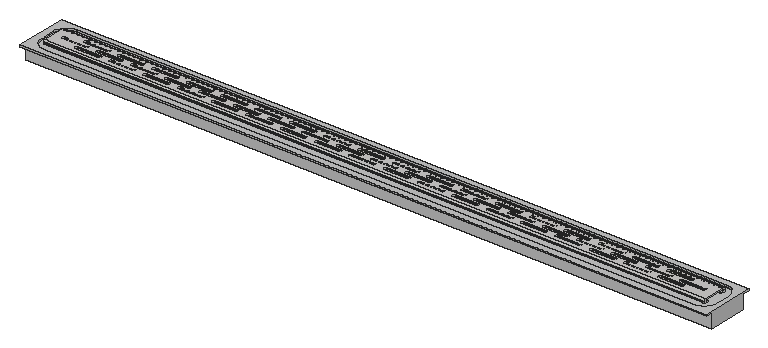
Revit family "Drain-Linear_Slotted_Noble_FreeStyle", category Plumbing Fixtures, host Face, Revit 2014
Parameters (values of type "60in PVC")
  Weight = "10 lbs"
  URL = "www.noblecompany.com"
  Type Comments = ""
  Product Properties = "http://www.noblecompany.com/Portals/0/PRODUCT%20INFO/Product%20Descriptions/FreeStyle%20Linear%20Drain%20Product%20Decription%200410.pdf"
  Product Data = "http://www.noblecompany.com/Products/ShowerProducts/tabid/59/Default.aspx"
  Plate = Stainless Steel - Brushed
  Model = "Freestyle 60 PVC - Slotted"
  Manufacturer Phone - Toll Free = "800-878-5788"
  Manufacturer Phone = "231-799-8000"
  Manufacturer Fax = "231-799-8850"
  Manufacturer Email = "mailto:sales@noblecompany.com"
  Manufacturer Address = "7300 Enterprise Drive, Spring Lake, MI  49456 USA"
  Manufacturer = "Noble Company"
  Installation-Fabrication = "http://www.noblecompany.com/Portals/0/PRODUCT%20INFO/Product%20Descriptions/FreeStyle%20Linear%20Drain%20Product%20Decription%200410.pdf"
  GPM = 0 GPM
  Description = "Freestyle 60 PVC - Slotted Linear Drain"
  Building Codes = "http://www.noblecompany.com/Portals/0/TECHNICAL%20INFO/Listing_Testing_Certification_Reports/PMG-1065%20Noble%20Company%20Linear%20Drain%20final%202.pdf"
  Base = PVC
  B = 57 3/4"
  Assembly Code = "D2030300"
  A = 60"
  Default Elevation = 0"
  D = 1 5/8"
  C = 33 3/4"
Types (14): name | Model | Description | Base | B | A | D | C
  24in ABS | "Freestyle 24 ABS - Slotted" | "Freestyle 24 ABS - Slotted Linear Drain" | ABS | 21 3/4" | 24" | 1 1/4" | 15 3/4"
  32in ABS | "Freestyle 32 ABS - Slotted" | "Freestyle 32 ABS - Slotted Linear Drain" | ABS | 29 3/4" | 32" | 1 3/8" | 19 1/2"
  36in ABS | "Freestyle 36 ABS - Slotted" | "Freestyle 36 ABS - Slotted Linear Drain" | ABS | 33 3/4" | 36" | 1 3/8" | 21 3/4"
  40in ABS | "Freestyle 40 ABS - Slotted" | "Freestyle 40 ABS - Slotted Linear Drain" | ABS | 37 3/4" | 40" | 1 7/16" | 23 3/4"
  48in ABS | "Freestyle 48 ABS - Slotted" | "Freestyle 48 ABS - Slotted Linear Drain" | ABS | 45 3/4" | 48" | 1 1/2" | 27 3/4"
  54in ABS | "Freestyle 54 ABS - Slotted" | "Freestyle 54 ABS - Slotted Linear Drain" | ABS | 51 3/4" | 54" | 1 9/16" | 30 3/4"
  60in ABS | "Freestyle 60 ABS - Slotted" | "Freestyle 60 ABS - Slotted Linear Drain" | ABS | 57 3/4" | 60" | 1 5/8" | 33 3/4"
  24in PVC | "Freestyle 24 PVC - Slotted" | "Freestyle 24 PVC - Slotted Linear Drain" | PVC | 21 3/4" | 24" | 1 1/4" | 15 3/4"
  32in PVC | "Freestyle 32 PVC - Slotted" | "Freestyle 32 PVC - Slotted Linear Drain" | PVC | 29 3/4" | 32" | 1 3/8" | 19 1/2"
  36in PVC | "Freestyle 36 PVC - Slotted" | "Freestyle 36 PVC - Slotted Linear Drain" | PVC | 33 3/4" | 36" | 1 3/8" | 21 3/4"
  40in PVC | "Freestyle 40 PVC - Slotted" | "Freestyle 40 PVC - Slotted Linear Drain" | PVC | 37 3/4" | 40" | 1 7/16" | 23 3/4"
  48in PVC | "Freestyle 48 PVC - Slotted" | "Freestyle 48 PVC - Slotted Linear Drain" | PVC | 45 3/4" | 48" | 1 1/2" | 27 3/4"
  54in PVC | "Freestyle 54 PVC - Slotted" | "Freestyle 54 PVC - Slotted Linear Drain" | PVC | 51 3/4" | 54" | 1 9/16" | 30 3/4"
  60in PVC | "Freestyle 60 PVC - Slotted" | "Freestyle 60 PVC - Slotted Linear Drain" | PVC | 57 3/4" | 60" | 1 5/8" | 33 3/4"
Reference planes (in)
  plane 1 "Center (Front/Back)": y = 0
  plane 2: z = 0
  plane 3 "Center (Left/Right)": x = 0
  plane 4: z = -1.625
  plane 5: z = -4.05899
  plane 6: z = -1.625
  plane 7: y = 1.6875
  plane 8: y = -1.6875
  plane 9: z = -0.375
  plane 10: y = 2.25
  plane 11: y = -2.25
  plane 12: z = -0.3125
  plane 13: x = 30
  plane 14: x = -30
  plane 15: x = 28.875
  plane 16: x = -3.75
  plane 17: x = -28.875
  plane 18: z = -0.125
Forms (in)
  Extrusion 1, void, detail levels medium+fine
    sketch origin (0, 0, 0) x (1, 0, 0) y (0, 1, 0)
      loop
        circle (-3.75, 0) r 1
    from -60 to 34.55449
  Extrusion 2, solid, material "PVC" <- "Base", detail levels medium+fine
    sketch origin (10.05986, 0, 0) x (0, 1, 0) y (0, 0, 1)
      loop
        line (2.25, -0.375) -> (2.25, -0.25) -> (-2.25, -0.25) -> (-2.25, -0.375) -> (-1.6875, -0.375) -> (-1.6875, -1.625) -> (1.6875, -1.625) -> (1.6875, -0.375) -> (2.25, -0.375)
    from -40.05986 to 19.94014
  Extrusion 3, void
    sketch origin (10.05986, 0, 0) x (1, 0, 0) y (0, 1, 0)
      loop
        arc (-38.37906, 1.769) -> (-39.18512, 1.43512) -> (-39.519, 0.62906) r 1.13994
        line (-39.519, 0.62906) -> (-39.519, -0.63005)
        arc (-39.519, -0.63005) -> (-39.18541, -1.43541) -> (-38.38005, -1.769) r 1.13895
        line (-38.38005, -1.769) -> (18.37931, -1.769)
        arc (18.37931, -1.769) -> (19.18519, -1.43519) -> (19.519, -0.62931) r 1.13969
        line (19.519, -0.62931) -> (19.519, 0.62118)
        arc (19.519, 0.62118) -> (19.18281, 1.43281) -> (18.37118, 1.769) r 1.14782
        line (18.37118, 1.769) -> (-38.37906, 1.769)
    from -0.375 to 0
  Extrusion 4, void
    sketch origin (0, 0, 0) x (1, 0, 0) y (0, 1, 0)
      loop
        line (29, 1.269) -> (-29, 1.269) -> (-29, -1.269) -> (29, -1.269) -> (29, 1.269)
    from -0.125 to 0
  Extrusion 5, void, detail levels fine
    sketch origin (0, 0, 0) x (0, 1, 0) y (0, 0, 1)
      loop
        line (2.25, -0.375) -> (2.25, -0.125) -> (-2.25, -0.125) -> (-2.25, -0.375) -> (-1.6875, -0.375) -> (-1.6875, -1.625) -> (1.6875, -1.625) -> (1.6875, -0.375) -> (2.25, -0.375)
    from -30 to 30
Cuts and joins
  Extrusion 1, Extrusion 3 cuts Extrusion 2
Lines and regions (in)
  model lines, detail levels coarse+medium
    curve 1: line (-3.75, 0, 0) -> (-3.75, 0, -1.625)
  model lines, style "PlumbingFixtures", detail levels coarse
    curve 2: line (-30, 2.25, 0) -> (-30, -2.25, 0)
    curve 3: line (-30, 2.25, 0) -> (30, 2.25, 0)
    curve 4: line (30, 2.25, 0) -> (30, -2.25, 0)
    curve 5: line (-30, -2.25, 0) -> (30, -2.25, 0)
    curve 6: line (30, 0, 0) -> (-30, 0, 0)
Dimensions and locks (in)
  "D": plane 2 to plane 4
  locked: plane 4 to plane 5 at 2.43399
  "D": plane 6 to level
  equal spacing: plane 7, plane 1 "Center (Front/Back)", plane 8, locked at 1.6875 each
  locked: plane 9 to level at 0.375
  plane 7 to plane 8 = 3 3/8"
  locked: plane 10 to plane 7 at 0.5625
  locked: plane 8 to plane 11 at 0.5625
  "A": plane 14 to plane 13
  locked: plane 15 to plane 13 at 1.125
  "C": plane 16 to plane 13
  locked: plane 14 to plane 17 at 1.125
  locked: Extrusion 3 sketch curve to plane 13 at 0.42114
  locked: plane 14 to Extrusion 3 sketch curve at 0.54086
  equal spacing: plane 14, plane 3 "Center (Left/Right)", plane 13
  locked: plane 9 to plane 12 at 0.0625
  locked: level to plane 18 at 0.125
  level to Extrusion 2 sketch curve = 1/4"
  locked: plane 15 to Extrusion 4 sketch curve at 0.125
  locked: Extrusion 4 sketch curve to plane 17 at 0.125
  radius of Extrusion 1 sketch curve = 1"
  aligned and locked: plane 2 to host face
  aligned and locked: level to host face
  aligned and locked: plane 1 "Center (Front/Back)" to Extrusion 1 sketch curve
  aligned and locked: plane 13 to Extrusion 2
  aligned and locked: plane 16 to Extrusion 1 sketch curve
  aligned and locked: plane 10 to Extrusion 5 sketch curve
  aligned and locked: plane 9 to Extrusion 5 sketch curve
  aligned and locked: plane 7 to Extrusion 5 sketch curve
  aligned and locked: plane 4 to Extrusion 5 sketch curve
  aligned and locked: plane 11 to Extrusion 5 sketch curve
  aligned and locked: Extrusion 5 sketch curve to plane 8
  aligned and locked: Extrusion 5 to plane 14
  aligned and locked: plane 13 to Extrusion 5
  aligned and locked: curve 6 to plane 1 "Center (Front/Back)"
  aligned and locked: plane 14 to curve 6
  aligned and locked: plane 13 to curve 6
  aligned and locked: curve 1 to plane 16
  aligned and locked: level to curve 1
  aligned and locked: plane 6 to curve 1
  aligned and locked: Extrusion 2 to plane 14
  aligned and locked: plane 3 "Center (Left/Right)" to nested 1
  aligned and locked: plane 1 "Center (Front/Back)" to nested 1
  aligned and locked: plane 12 to nested 1
  aligned and locked: plane 9 to Extrusion 3
  aligned and locked: Extrusion 4 to plane 18
  aligned and locked: level to Extrusion 4
Automatic sketch dimensions
  host sketch curve to host sketch curve = 48 1/4"
  host sketch curve to host sketch curve = 96"
  plane 9 to Extrusion 2 sketch curve = 0"  (x2)
  Extrusion 2 sketch curve to plane 11 = 0"
  Extrusion 2 sketch curve to plane 4 = 0"
  Extrusion 2 sketch curve to plane 8 = 0"
  Extrusion 2 sketch curve to plane 7 = 0"
  Extrusion 2 sketch curve to plane 10 = 0"
  Extrusion 3 sketch curve to plane 8 = 0.0815"
  plane 17 to Extrusion 3 sketch curve = 0.55481"
  Extrusion 3 sketch curve to plane 7 = 0.0815"
  plane 17 to Extrusion 3 sketch curve = 0.5558"
  Extrusion 3 sketch curve to plane 15 = 0.44396"
  Extrusion 3 sketch curve to plane 15 = 0.43583"
  curve 2 to plane 10 = 0"
  curve 5 to plane 11 = 0"
  plane 9 to Extrusion 5 sketch curve = 0"
  Extrusion 5 sketch curve to plane 18 = 0"
  plane 8 to Extrusion 4 sketch curve = 0.4185"
  plane 7 to Extrusion 4 sketch curve = 0.4185"
Nested families (in)
  nested 1: "Strainer" at (-12.24848, 0, -0.3125), type "24"", detail levels fine
    with Strainer Length 57 3/4"
Connectors (in)
  piping at (-3.75, 0, -1.625), diameter 2, driven by "GPM"
    settings: on cut or joined group of Extrusion 1, Extrusion 2, Extrusion 3, index 1, connector inside diameter 2", connector length 0", flow factor 0, pipe flow 0 GPM, pressure drop 0.00 psi, fitting loss kfactor 0, connector angle 0.00°, fixture units 0, engagement length 0", angle of deflection 0.00°, flow configuration 0, flow direction 2, fitting loss method 0, system type 16, joint type 0, gender type 0, connector reference index -1, connector utility 0, adjustable connector no, is connector primary yes, connector description ""
Definition of nested family "Strainer"
  Parameters (values of type "24"")
    Strainer Width = 2 1/4"
    Strainer Height = 5/16"
    Strainer Length = 21 3/4"
    Strainer Finish = none
  Reference planes (in)
    plane 1 "Center (Front/Back)": y = 0
    plane 2: z = 0
    plane 3 "Center (Left/Right)": x = 12.24848
    plane 4 "Left": x = 1.37348
    plane 5 "Right": x = 23.12348
    plane 6: y = 1.125
    plane 7: y = -1.125
    plane 8: x = 42.24848
    plane 9: x = -17.75152
    plane 10: z = 0.3125
  Forms (in)
    Extrusion 1, solid, material <- "Strainer Finish", detail levels medium+fine
      sketch origin (0, 0, 0) x (1, 0, 0) y (0, 1, 0)
        loop
          line (-16.62652, 1.1245) -> (-16.62652, -1.1245) -> (41.12348, -1.1245) -> (41.12348, 1.1245) -> (-16.62652, 1.1245)
        loop
          line (-14.25152, 0.36) -> (-12.25152, 0.36)
          arc (-12.25152, 0.36) -> (-12.11152, 0.5) -> (-12.25152, 0.64) r 0.14
          line (-12.25152, 0.64) -> (-14.25152, 0.64)
          arc (-14.25152, 0.64) -> (-14.39152, 0.5) -> (-14.25152, 0.36) r 0.14
        loop
          line (-13.75152, 0.14) -> (-15.75152, 0.14)
          arc (-15.75152, 0.14) -> (-15.89152, 0) -> (-15.75152, -0.14) r 0.14
          line (-15.75152, -0.14) -> (-13.75152, -0.14)
          arc (-13.75152, -0.14) -> (-13.61152, 0) -> (-13.75152, 0.14) r 0.14
        loop
          line (-14.25152, -0.64) -> (-12.25152, -0.64)
          arc (-12.25152, -0.64) -> (-12.11152, -0.5) -> (-12.25152, -0.36) r 0.14
          line (-12.25152, -0.36) -> (-14.25152, -0.36)
          arc (-14.25152, -0.36) -> (-14.39152, -0.5) -> (-14.25152, -0.64) r 0.14
        loop
          line (-12.75152, -0.14) -> (-10.75152, -0.14)
          arc (-10.75152, -0.14) -> (-10.61152, 0) -> (-10.75152, 0.14) r 0.14
          line (-10.75152, 0.14) -> (-12.75152, 0.14)
          arc (-12.75152, 0.14) -> (-12.89152, 0) -> (-12.75152, -0.14) r 0.14
        loop
          line (-11.25152, 0.36) -> (-9.25152, 0.36)
          arc (-9.25152, 0.36) -> (-9.11152, 0.5) -> (-9.25152, 0.64) r 0.14
          line (-9.25152, 0.64) -> (-11.25152, 0.64)
          arc (-11.25152, 0.64) -> (-11.39152, 0.5) -> (-11.25152, 0.36) r 0.14
        loop
          line (-11.25152, -0.64) -> (-9.25152, -0.64)
          arc (-9.25152, -0.64) -> (-9.11152, -0.5) -> (-9.25152, -0.36) r 0.14
          line (-9.25152, -0.36) -> (-11.25152, -0.36)
          arc (-11.25152, -0.36) -> (-11.39152, -0.5) -> (-11.25152, -0.64) r 0.14
        loop
          line (-9.75152, -0.14) -> (-7.75152, -0.14)
          arc (-7.75152, -0.14) -> (-7.61152, 0) -> (-7.75152, 0.14) r 0.14
          line (-7.75152, 0.14) -> (-9.75152, 0.14)
          arc (-9.75152, 0.14) -> (-9.89152, 0) -> (-9.75152, -0.14) r 0.14
        loop
          line (-8.25152, 0.36) -> (-6.25152, 0.36)
          arc (-6.25152, 0.36) -> (-6.11152, 0.5) -> (-6.25152, 0.64) r 0.14
          line (-6.25152, 0.64) -> (-8.25152, 0.64)
          arc (-8.25152, 0.64) -> (-8.39152, 0.5) -> (-8.25152, 0.36) r 0.14
        loop
          line (-8.25152, -0.64) -> (-6.25152, -0.64)
          arc (-6.25152, -0.64) -> (-6.11152, -0.5) -> (-6.25152, -0.36) r 0.14
          line (-6.25152, -0.36) -> (-8.25152, -0.36)
          arc (-8.25152, -0.36) -> (-8.39152, -0.5) -> (-8.25152, -0.64) r 0.14
        loop
          line (-6.75152, -0.14) -> (-4.75152, -0.14)
          arc (-4.75152, -0.14) -> (-4.61152, 0) -> (-4.75152, 0.14) r 0.14
          line (-4.75152, 0.14) -> (-6.75152, 0.14)
          arc (-6.75152, 0.14) -> (-6.89152, 0) -> (-6.75152, -0.14) r 0.14
        loop
          line (-5.25152, 0.36) -> (-3.25152, 0.36)
          arc (-3.25152, 0.36) -> (-3.11152, 0.5) -> (-3.25152, 0.64) r 0.14
          line (-3.25152, 0.64) -> (-5.25152, 0.64)
          arc (-5.25152, 0.64) -> (-5.39152, 0.5) -> (-5.25152, 0.36) r 0.14
        loop
          line (-5.25152, -0.64) -> (-3.25152, -0.64)
          arc (-3.25152, -0.64) -> (-3.11152, -0.5) -> (-3.25152, -0.36) r 0.14
          line (-3.25152, -0.36) -> (-5.25152, -0.36)
          arc (-5.25152, -0.36) -> (-5.39152, -0.5) -> (-5.25152, -0.64) r 0.14
        loop
          line (-3.75152, -0.14) -> (-1.75152, -0.14)
          arc (-1.75152, -0.14) -> (-1.61152, 0) -> (-1.75152, 0.14) r 0.14
          line (-1.75152, 0.14) -> (-3.75152, 0.14)
          arc (-3.75152, 0.14) -> (-3.89152, 0) -> (-3.75152, -0.14) r 0.14
        loop
          line (-2.25152, 0.36) -> (-0.25152, 0.36)
          arc (-0.25152, 0.36) -> (-0.11152, 0.5) -> (-0.25152, 0.64) r 0.14
          line (-0.25152, 0.64) -> (-2.25152, 0.64)
          arc (-2.25152, 0.64) -> (-2.39152, 0.5) -> (-2.25152, 0.36) r 0.14
        loop
          line (-2.25152, -0.64) -> (-0.25152, -0.64)
          arc (-0.25152, -0.64) -> (-0.11152, -0.5) -> (-0.25152, -0.36) r 0.14
          line (-0.25152, -0.36) -> (-2.25152, -0.36)
          arc (-2.25152, -0.36) -> (-2.39152, -0.5) -> (-2.25152, -0.64) r 0.14
        loop
          line (-0.75152, -0.14) -> (1.24848, -0.14)
          arc (1.24848, -0.14) -> (1.38848, 0) -> (1.24848, 0.14) r 0.14
          line (1.24848, 0.14) -> (-0.75152, 0.14)
          arc (-0.75152, 0.14) -> (-0.89152, 0) -> (-0.75152, -0.14) r 0.14
        loop
          line (0.74848, 0.36) -> (2.74848, 0.36)
          arc (2.74848, 0.36) -> (2.88848, 0.5) -> (2.74848, 0.64) r 0.14
          line (2.74848, 0.64) -> (0.74848, 0.64)
          arc (0.74848, 0.64) -> (0.60848, 0.5) -> (0.74848, 0.36) r 0.14
        loop
          line (0.74848, -0.64) -> (2.74848, -0.64)
          arc (2.74848, -0.64) -> (2.88848, -0.5) -> (2.74848, -0.36) r 0.14
          line (2.74848, -0.36) -> (0.74848, -0.36)
          arc (0.74848, -0.36) -> (0.60848, -0.5) -> (0.74848, -0.64) r 0.14
        loop
          line (2.24848, -0.14) -> (4.24848, -0.14)
          arc (4.24848, -0.14) -> (4.38848, 0) -> (4.24848, 0.14) r 0.14
          line (4.24848, 0.14) -> (2.24848, 0.14)
          arc (2.24848, 0.14) -> (2.10848, 0) -> (2.24848, -0.14) r 0.14
        loop
          line (3.74848, 0.36) -> (5.74848, 0.36)
          arc (5.74848, 0.36) -> (5.88848, 0.5) -> (5.74848, 0.64) r 0.14
          line (5.74848, 0.64) -> (3.74848, 0.64)
          arc (3.74848, 0.64) -> (3.60848, 0.5) -> (3.74848, 0.36) r 0.14
        loop
          line (3.74848, -0.64) -> (5.74848, -0.64)
          arc (5.74848, -0.64) -> (5.88848, -0.5) -> (5.74848, -0.36) r 0.14
          line (5.74848, -0.36) -> (3.74848, -0.36)
          arc (3.74848, -0.36) -> (3.60848, -0.5) -> (3.74848, -0.64) r 0.14
        loop
          line (5.24848, -0.14) -> (7.24848, -0.14)
          arc (7.24848, -0.14) -> (7.38848, 0) -> (7.24848, 0.14) r 0.14
          line (7.24848, 0.14) -> (5.24848, 0.14)
          arc (5.24848, 0.14) -> (5.10848, 0) -> (5.24848, -0.14) r 0.14
        loop
          line (6.74848, 0.36) -> (8.74848, 0.36)
          arc (8.74848, 0.36) -> (8.88848, 0.5) -> (8.74848, 0.64) r 0.14
          line (8.74848, 0.64) -> (6.74848, 0.64)
          arc (6.74848, 0.64) -> (6.60848, 0.5) -> (6.74848, 0.36) r 0.14
        loop
          line (6.74848, -0.64) -> (8.74848, -0.64)
          arc (8.74848, -0.64) -> (8.88848, -0.5) -> (8.74848, -0.36) r 0.14
          line (8.74848, -0.36) -> (6.74848, -0.36)
          arc (6.74848, -0.36) -> (6.60848, -0.5) -> (6.74848, -0.64) r 0.14
        loop
          line (8.24848, -0.14) -> (10.24848, -0.14)
          arc (10.24848, -0.14) -> (10.38848, 0) -> (10.24848, 0.14) r 0.14
          line (10.24848, 0.14) -> (8.24848, 0.14)
          arc (8.24848, 0.14) -> (8.10848, 0) -> (8.24848, -0.14) r 0.14
        loop
          line (9.74848, 0.36) -> (11.74848, 0.36)
          arc (11.74848, 0.36) -> (11.88848, 0.5) -> (11.74848, 0.64) r 0.14
          line (11.74848, 0.64) -> (9.74848, 0.64)
          arc (9.74848, 0.64) -> (9.60848, 0.5) -> (9.74848, 0.36) r 0.14
        loop
          line (9.74848, -0.64) -> (11.74848, -0.64)
          arc (11.74848, -0.64) -> (11.88848, -0.5) -> (11.74848, -0.36) r 0.14
          line (11.74848, -0.36) -> (9.74848, -0.36)
          arc (9.74848, -0.36) -> (9.60848, -0.5) -> (9.74848, -0.64) r 0.14
        loop
          line (11.24848, -0.14) -> (13.24848, -0.14)
          arc (13.24848, -0.14) -> (13.38848, 0) -> (13.24848, 0.14) r 0.14
          line (13.24848, 0.14) -> (11.24848, 0.14)
          arc (11.24848, 0.14) -> (11.10848, 0) -> (11.24848, -0.14) r 0.14
        loop
          line (12.74848, 0.36) -> (14.74848, 0.36)
          arc (14.74848, 0.36) -> (14.88848, 0.5) -> (14.74848, 0.64) r 0.14
          line (14.74848, 0.64) -> (12.74848, 0.64)
          arc (12.74848, 0.64) -> (12.60848, 0.5) -> (12.74848, 0.36) r 0.14
        loop
          line (12.74848, -0.64) -> (14.74848, -0.64)
          arc (14.74848, -0.64) -> (14.88848, -0.5) -> (14.74848, -0.36) r 0.14
          line (14.74848, -0.36) -> (12.74848, -0.36)
          arc (12.74848, -0.36) -> (12.60848, -0.5) -> (12.74848, -0.64) r 0.14
        loop
          line (14.24848, -0.14) -> (16.24848, -0.14)
          arc (16.24848, -0.14) -> (16.38848, 0) -> (16.24848, 0.14) r 0.14
          line (16.24848, 0.14) -> (14.24848, 0.14)
          arc (14.24848, 0.14) -> (14.10848, 0) -> (14.24848, -0.14) r 0.14
        loop
          line (15.74848, 0.36) -> (17.74848, 0.36)
          arc (17.74848, 0.36) -> (17.88848, 0.5) -> (17.74848, 0.64) r 0.14
          line (17.74848, 0.64) -> (15.74848, 0.64)
          arc (15.74848, 0.64) -> (15.60848, 0.5) -> (15.74848, 0.36) r 0.14
        loop
          line (15.74848, -0.64) -> (17.74848, -0.64)
          arc (17.74848, -0.64) -> (17.88848, -0.5) -> (17.74848, -0.36) r 0.14
          line (17.74848, -0.36) -> (15.74848, -0.36)
          arc (15.74848, -0.36) -> (15.60848, -0.5) -> (15.74848, -0.64) r 0.14
        loop
          line (17.24848, -0.14) -> (19.24848, -0.14)
          arc (19.24848, -0.14) -> (19.38848, 0) -> (19.24848, 0.14) r 0.14
          line (19.24848, 0.14) -> (17.24848, 0.14)
          arc (17.24848, 0.14) -> (17.10848, 0) -> (17.24848, -0.14) r 0.14
        loop
          line (18.74848, 0.36) -> (20.74848, 0.36)
          arc (20.74848, 0.36) -> (20.88848, 0.5) -> (20.74848, 0.64) r 0.14
          line (20.74848, 0.64) -> (18.74848, 0.64)
          arc (18.74848, 0.64) -> (18.60848, 0.5) -> (18.74848, 0.36) r 0.14
        loop
          line (18.74848, -0.64) -> (20.74848, -0.64)
          arc (20.74848, -0.64) -> (20.88848, -0.5) -> (20.74848, -0.36) r 0.14
          line (20.74848, -0.36) -> (18.74848, -0.36)
          arc (18.74848, -0.36) -> (18.60848, -0.5) -> (18.74848, -0.64) r 0.14
        loop
          line (20.24848, -0.14) -> (22.24848, -0.14)
          arc (22.24848, -0.14) -> (22.38848, 0) -> (22.24848, 0.14) r 0.14
          line (22.24848, 0.14) -> (20.24848, 0.14)
          arc (20.24848, 0.14) -> (20.10848, 0) -> (20.24848, -0.14) r 0.14
        loop
          line (21.74848, 0.36) -> (23.74848, 0.36)
          arc (23.74848, 0.36) -> (23.88848, 0.5) -> (23.74848, 0.64) r 0.14
          line (23.74848, 0.64) -> (21.74848, 0.64)
          arc (21.74848, 0.64) -> (21.60848, 0.5) -> (21.74848, 0.36) r 0.14
        loop
          line (21.74848, -0.64) -> (23.74848, -0.64)
          arc (23.74848, -0.64) -> (23.88848, -0.5) -> (23.74848, -0.36) r 0.14
          line (23.74848, -0.36) -> (21.74848, -0.36)
          arc (21.74848, -0.36) -> (21.60848, -0.5) -> (21.74848, -0.64) r 0.14
        loop
          line (23.24848, -0.14) -> (25.24848, -0.14)
          arc (25.24848, -0.14) -> (25.38848, 0) -> (25.24848, 0.14) r 0.14
          line (25.24848, 0.14) -> (23.24848, 0.14)
          arc (23.24848, 0.14) -> (23.10848, 0) -> (23.24848, -0.14) r 0.14
        loop
          line (24.74848, 0.36) -> (26.74848, 0.36)
          arc (26.74848, 0.36) -> (26.88848, 0.5) -> (26.74848, 0.64) r 0.14
          line (26.74848, 0.64) -> (24.74848, 0.64)
          arc (24.74848, 0.64) -> (24.60848, 0.5) -> (24.74848, 0.36) r 0.14
        loop
          line (24.74848, -0.64) -> (26.74848, -0.64)
          arc (26.74848, -0.64) -> (26.88848, -0.5) -> (26.74848, -0.36) r 0.14
          line (26.74848, -0.36) -> (24.74848, -0.36)
          arc (24.74848, -0.36) -> (24.60848, -0.5) -> (24.74848, -0.64) r 0.14
        loop
          line (26.24848, -0.14) -> (28.24848, -0.14)
          arc (28.24848, -0.14) -> (28.38848, 0) -> (28.24848, 0.14) r 0.14
          line (28.24848, 0.14) -> (26.24848, 0.14)
          arc (26.24848, 0.14) -> (26.10848, 0) -> (26.24848, -0.14) r 0.14
        loop
          line (27.74848, 0.36) -> (29.74848, 0.36)
          arc (29.74848, 0.36) -> (29.88848, 0.5) -> (29.74848, 0.64) r 0.14
          line (29.74848, 0.64) -> (27.74848, 0.64)
          arc (27.74848, 0.64) -> (27.60848, 0.5) -> (27.74848, 0.36) r 0.14
        loop
          line (27.74848, -0.64) -> (29.74848, -0.64)
          arc (29.74848, -0.64) -> (29.88848, -0.5) -> (29.74848, -0.36) r 0.14
          line (29.74848, -0.36) -> (27.74848, -0.36)
          arc (27.74848, -0.36) -> (27.60848, -0.5) -> (27.74848, -0.64) r 0.14
        loop
          line (29.24848, -0.14) -> (31.24848, -0.14)
          arc (31.24848, -0.14) -> (31.38848, 0) -> (31.24848, 0.14) r 0.14
          line (31.24848, 0.14) -> (29.24848, 0.14)
          arc (29.24848, 0.14) -> (29.10848, 0) -> (29.24848, -0.14) r 0.14
        loop
          line (30.74848, 0.36) -> (32.74848, 0.36)
          arc (32.74848, 0.36) -> (32.88848, 0.5) -> (32.74848, 0.64) r 0.14
          line (32.74848, 0.64) -> (30.74848, 0.64)
          arc (30.74848, 0.64) -> (30.60848, 0.5) -> (30.74848, 0.36) r 0.14
        loop
          line (30.74848, -0.64) -> (32.74848, -0.64)
          arc (32.74848, -0.64) -> (32.88848, -0.5) -> (32.74848, -0.36) r 0.14
          line (32.74848, -0.36) -> (30.74848, -0.36)
          arc (30.74848, -0.36) -> (30.60848, -0.5) -> (30.74848, -0.64) r 0.14
        loop
          line (32.24848, -0.14) -> (34.24848, -0.14)
          arc (34.24848, -0.14) -> (34.38848, 0) -> (34.24848, 0.14) r 0.14
          line (34.24848, 0.14) -> (32.24848, 0.14)
          arc (32.24848, 0.14) -> (32.10848, 0) -> (32.24848, -0.14) r 0.14
        loop
          line (33.74848, 0.36) -> (35.74848, 0.36)
          arc (35.74848, 0.36) -> (35.88848, 0.5) -> (35.74848, 0.64) r 0.14
          line (35.74848, 0.64) -> (33.74848, 0.64)
          arc (33.74848, 0.64) -> (33.60848, 0.5) -> (33.74848, 0.36) r 0.14
        loop
          line (33.74848, -0.64) -> (35.74848, -0.64)
          arc (35.74848, -0.64) -> (35.88848, -0.5) -> (35.74848, -0.36) r 0.14
          line (35.74848, -0.36) -> (33.74848, -0.36)
          arc (33.74848, -0.36) -> (33.60848, -0.5) -> (33.74848, -0.64) r 0.14
        loop
          line (35.24848, -0.14) -> (37.24848, -0.14)
          arc (37.24848, -0.14) -> (37.38848, 0) -> (37.24848, 0.14) r 0.14
          line (37.24848, 0.14) -> (35.24848, 0.14)
          arc (35.24848, 0.14) -> (35.10848, 0) -> (35.24848, -0.14) r 0.14
        loop
          line (36.74848, 0.36) -> (38.74848, 0.36)
          arc (38.74848, 0.36) -> (38.88848, 0.5) -> (38.74848, 0.64) r 0.14
          line (38.74848, 0.64) -> (36.74848, 0.64)
          arc (36.74848, 0.64) -> (36.60848, 0.5) -> (36.74848, 0.36) r 0.14
        loop
          line (36.74848, -0.64) -> (38.74848, -0.64)
          arc (38.74848, -0.64) -> (38.88848, -0.5) -> (38.74848, -0.36) r 0.14
          line (38.74848, -0.36) -> (36.74848, -0.36)
          arc (36.74848, -0.36) -> (36.60848, -0.5) -> (36.74848, -0.64) r 0.14
        loop
          line (38.24848, -0.14) -> (40.24848, -0.14)
          arc (40.24848, -0.14) -> (40.38848, 0) -> (40.24848, 0.14) r 0.14
          line (40.24848, 0.14) -> (38.24848, 0.14)
          arc (38.24848, 0.14) -> (38.10848, 0) -> (38.24848, -0.14) r 0.14
      from 0 to 0.3125
    Extrusion 2, void
      sketch origin (12.24848, 0, 0) x (0, 1, 0) y (0, 0, 1)
        loop
          line (1.1245, 0.3125) -> (0.9995, 0.3125)
          arc (0.9995, 0.3125) -> (1.08789, 0.27589) -> (1.1245, 0.1875) r 0.125
          line (1.1245, 0.1875) -> (1.1245, 0.3125)
        loop
          line (-1.1245, 0.3125) -> (-1.1245, 0.1875)
          arc (-1.1245, 0.1875) -> (-1.08789, 0.27589) -> (-0.9995, 0.3125) r 0.125
          line (-0.9995, 0.3125) -> (-1.1245, 0.3125)
        loop
          line (1.1245, 0) -> (1.1245, 0.125)
          arc (1.1245, 0.125) -> (1.08789, 0.03661) -> (0.9995, 0) r 0.125
          line (0.9995, 0) -> (1.1245, 0)
        loop
          line (-1.1245, 0) -> (-0.9995, 0)
          arc (-0.9995, 0) -> (-1.08789, 0.03661) -> (-1.1245, 0.125) r 0.125
          line (-1.1245, 0.125) -> (-1.1245, 0)
        loop
          line (-0.75, 0) -> (0.75, 0) -> (0.75, 0.0625) -> (0.9995, 0.0625)
          arc (0.9995, 0.0625) -> (1.06302, 0.15625) -> (0.9995, 0.25) r 0.10095
          line (0.9995, 0.25) -> (-0.9995, 0.25)
          arc (-0.9995, 0.25) -> (-1.06302, 0.15625) -> (-0.9995, 0.0625) r 0.10095
          line (-0.9995, 0.0625) -> (-0.75, 0.0625) -> (-0.75, 0)
      from -30 to 30
    Extrusion 3, void
      sketch origin (0, 0, 0) x (1, 0, 0) y (0, 1, 0)
        loop
          line (-17.75152, 1.25) -> (-17.75152, -1.25) -> (1.37348, -1.25) -> (1.37348, 1.25) -> (-17.75152, 1.25)
        loop
          line (23.12348, 1.25) -> (23.12348, -1.25) -> (42.24848, -1.25) -> (42.24848, 1.25) -> (23.12348, 1.25)
      from 0 to 0.3125
  Cuts and joins
    Extrusion 2, Extrusion 3 cuts Extrusion 1
  Dimensions and locks (in)
    locked: Extrusion 1 sketch curve to Extrusion 1 sketch curve at 57.75
    "Strainer Length": plane 4 "Left" to plane 5 "Right"
    equal spacing: plane 4 "Left", plane 3 "Center (Left/Right)", plane 5 "Right"
    equal spacing: plane 7, plane 1 "Center (Front/Back)", plane 6
    "Strainer Width": plane 6 to plane 7
    "Strainer Height": plane 10 to level
    Extrusion 2 to level = 5/16"
    plane 9 to plane 3 "Center (Left/Right)" to plane 8 = 30" locked, 30" locked
    Extrusion 3 sketch curve to plane 1 "Center (Front/Back)" to Extrusion 3 sketch curve = 1 1/4" locked, 1 1/4" locked  (x2)
    aligned and locked: plane 10 to Extrusion 1
    aligned and locked: Extrusion 2 to plane 9
    aligned and locked: plane 8 to Extrusion 2
    aligned and locked: plane 9 to Extrusion 3 sketch curve
    aligned and locked: Extrusion 3 sketch curve to plane 4 "Left"
    aligned and locked: Extrusion 3 sketch curve to plane 8
    aligned and locked: plane 5 "Right" to Extrusion 3 sketch curve
    aligned and locked: plane 10 to cut or joined group of Extrusion 1, Extrusion 2, Extrusion 3
  Automatic sketch dimensions
    plane 1 "Center (Front/Back)" to Extrusion 1 sketch curve = 0"  (x19)
    plane 1 "Center (Front/Back)" to Extrusion 1 sketch curve = 1.1245"
    Extrusion 1 sketch curve to plane 3 "Center (Left/Right)" = 28 7/8"
    Extrusion 1 sketch curve to Extrusion 1 sketch curve = 7/8"  (x2)
    plane 1 "Center (Front/Back)" to Extrusion 1 sketch curve = 1/2"
    Extrusion 1 sketch curve to Extrusion 1 sketch curve = 1 1/2"
    Extrusion 1 sketch curve to plane 1 "Center (Front/Back)" = 0.64"
    Extrusion 1 sketch curve to Extrusion 1 sketch curve = 0"  (x17)
    plane 1 "Center (Front/Back)" to Extrusion 1 sketch curve = 0.14"  (x4)
    Extrusion 1 sketch curve to Extrusion 1 sketch curve = 1/2"  (x52)
    Extrusion 1 sketch curve to plane 1 "Center (Front/Back)" = 0.14"  (x15)
    Extrusion 1 sketch curve to Extrusion 1 sketch curve = 1"  (x33)
    Extrusion 1 sketch curve to plane 1 "Center (Front/Back)" = 1/2"  (x8)
    plane 1 "Center (Front/Back)" to Extrusion 1 sketch curve = 0.36"  (x5)
    Extrusion 1 sketch curve to plane 3 "Center (Left/Right)" = 1"
    Extrusion 1 sketch curve to plane 3 "Center (Left/Right)" = 1/2"  (x2)
    plane 3 "Center (Left/Right)" to Extrusion 1 sketch curve = 1/2"  (x2)
    plane 1 "Center (Front/Back)" to Extrusion 1 sketch curve = 0.64"  (x12)
    Extrusion 1 sketch curve to plane 1 "Center (Front/Back)" = 0.36"  (x9)
    Extrusion 1 sketch curve to Extrusion 1 sketch curve = 0.14"  (x30)
    Extrusion 1 sketch curve to Extrusion 1 sketch curve = 0.28"  (x6)
    Extrusion 1 sketch curve to plane 1 "Center (Front/Back)" = 1.1245"
    Extrusion 2 sketch curve to plane 10 = 0"  (x2)
    Extrusion 2 sketch curve to level = 0"  (x3)
    plane 7 to Extrusion 2 sketch curve = 0.0005"  (x2)
    Extrusion 2 sketch curve to Extrusion 2 sketch curve = 1/8"  (x2)
    Extrusion 2 sketch curve to Extrusion 2 sketch curve = 0"  (x4)
    Extrusion 2 sketch curve to Extrusion 2 sketch curve = 0.03743"  (x3)
    level to Extrusion 2 sketch curve = 1/16"  (x2)
    Extrusion 2 sketch curve to Extrusion 2 sketch curve = 0.21207"
    Extrusion 2 sketch curve to plane 6 = 3/8"
    Extrusion 2 sketch curve to plane 6 = 0.16293"
    Extrusion 2 sketch curve to plane 6 = 0.0005"  (x2)
    Extrusion 2 sketch curve to Extrusion 2 sketch curve = 1/32"
